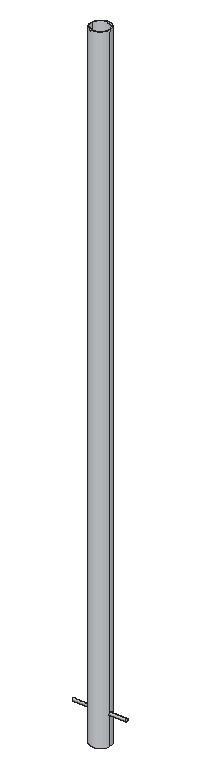
Revit family "DB4S8", category Generic Models, Revit 2014
Reference planes (in)
  plane 1 "Center (Front/Back)": y = 0
  plane 2: z = 0
  plane 3 "Center (Left/Right)": x = 0
  plane 4: z = 96
Forms (in)
  Revolve 1, solid
    sketch origin (0, 0, 0) x (1, 0, 0) y (0, 0, 1)
      loop
        line (5.50053, -30) -> (5.50053, -29.75) -> (-5.49947, -29.75) -> (-5.49947, -30) -> (5.50053, -30)
      axis (5.50053, -30) -> (-5.49947, -30)
    angle from 0 to 360
  Revolve 2, solid
    sketch origin (0, 0, 0) x (1, 0, 0) y (0, 0, 1)
      loop
        line (-1.81147, -36) -> (-1.81147, 96) -> (-1.99947, 96) -> (-1.99947, -36) -> (-1.81147, -36)
      axis (0, -36) -> (0, 96)
    angle from 0 to 360
Cuts and joins
  joined: Revolve 1, Revolve 2
Dimensions and locks (in)
  aligned and locked: plane 2 to level
